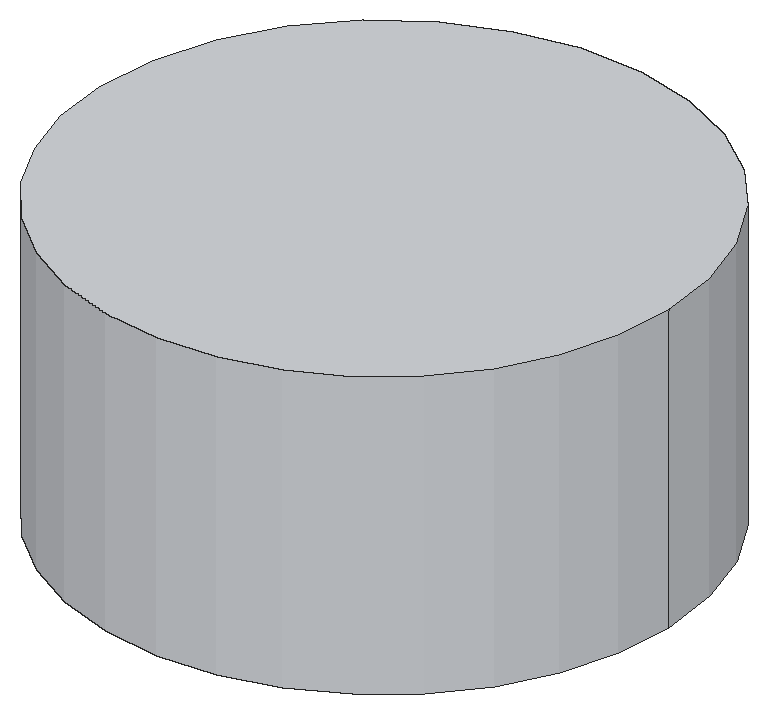
Revit family "10601450", category Specialty Equipment, Revit 2020
Family settings
  Round Connector Dimension = Use Diameter
  Part Type = Normal
  OmniClass Number = 23.40.40.00
  OmniClass Title = Food Service Equipment and Furnishings
  Work Plane-Based = No
  Always vertical = Yes
  Cut with Voids When Loaded = No
  Shared = No
  Room Calculation Point = No
Parameters (values of type "Standard")
  URL = "https://www.rustfriebergh.no/"
  Model = "10601450"
  Manufacturer = "RUSTFRIE BERGH AS"
  Description = "RBRM 1450"
  Default Elevation = 0 mm
Reference planes
  plane 1 "Center (Front/Back)": y = 0
  plane 2: z = 0
  plane 3 "Center (Left/Right)": x = 0
Forms (mm)
  Extrusion 1, solid
    sketch origin (518, 150.657, 49.502) x (-1, 0, 0) y (0, 1, 0.000013)
      loop
        circle (0, 0) r 3.048
    from 0 to -3.048
Dimensions and locks
  aligned and locked: level to plane 2
Connectors
  electrical at (518, 150.657, 49.502)
    settings: on Extrusion 1, index 1, voltage 230 V, apparent load 850 VA, apparent load phase1 0 VA, apparent load phase2 0 VA, apparent load phase3 0 VA, power factor 0, load classification "Other", number of poles 1, system type 30, power factor state 1, is connector primary yes, connector utility no, sub classification motor no, connector description "230V 50/60HZ 3,7A"
